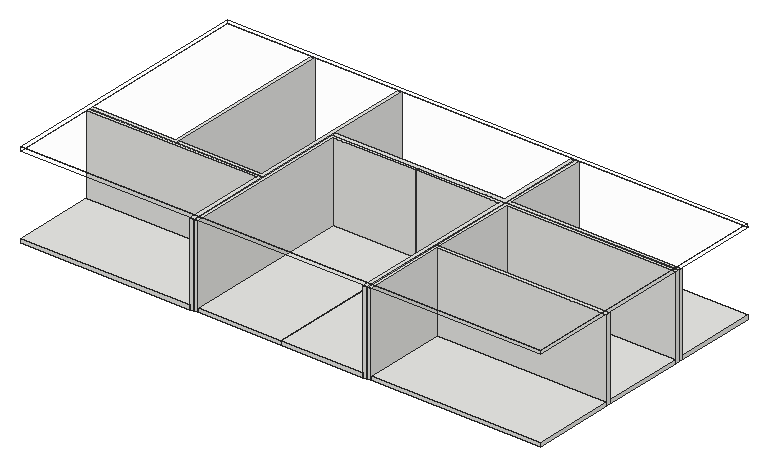
Revit family "Table-Coffee-Teknion-STLG_Masalla-R2013", category Furniture, Revit 2013
Parameters (values of type "9 Box Rectangle")
  Width = 66.92913"
  Warranty = "http://www.teknionstudio.com/pdfs/Teknion%20Studio%20Warranty.pdf"
  Unit Weight = 0.00 lbf
  URL = "www.teknionstudio.com"
  Table Top Finish [instance] = Glass - Teknion - A5 - Standard - Clear
  Surface D Finish [instance] = Paint - Teknion - True White
  Surface C Finish [instance] = Paint - Teknion - True White
  Surface B Finish [instance] = Paint - Teknion - True White
  Surface A Finish [instance] = Paint - Teknion - True White
  Series = "Studio"
  Product Line = "Masalla"
  Product Documentation Link = "http://www.teknionstudio.com/pricing/STLG_ppg.pdf"
  Part Number = "STLG"
  Model = "STLG"
  Manufacturer Phone = "919-464-2920"
  Manufacturer Fax = "919-464-2927"
  Manufacturer Email = "customersupport@teknionstudio.com"
  Manufacturer Address = "3941 US 70 Business HWY West, Clayton, NC 27520"
  Manufacturer = "Teknion Studio"
  Low Emitting Material = yes
  Low Emitting Finish = yes
  Height = 12.59843"
  Description = "Masalla Table, 9 Box Rectangle"
  Depth = 33.46457"
  Assembly Code = "E2020200"
Reference planes (in)
  plane 1 "Center F/B": y = 0
  plane 2: z = 0
  plane 3 "Center L/R": x = 0
  plane 4 "Left": x = -33.46457
  plane 5 "Right": x = 33.46457
  plane 6 "Back": y = 16.73228
  plane 7 "Front": y = -16.73228
  plane 8 "Top": z = 12.59843
  plane 9: z = 1.5748
  plane 10: z = 12.12598
Forms (in)
  Sweep 1, solid, material "Paint - Teknion - Smoke"
    path origin (0, 0, 0) x (1, 0, 0) y (0, 0, 1)
      loop
        line (0, 0) -> (0, 1.5748)
    profile origin (0, 0, 0.7874) x (-1, 0, 0) y (0, -1, 0)
      loop
        line (31.10236, -14.37008) -> (31.10236, 14.37008) -> (-31.10236, 14.37008) -> (-31.10236, -14.37008) -> (31.10236, -14.37008)
      loop
        line (-30.62992, -13.89764) -> (30.62992, -13.89764) -> (30.62992, 13.89764) -> (-30.62992, 13.89764) -> (-30.62992, -13.89764)
  Sweep 2, solid, material "Paint - Teknion - Smoke"
    path origin (0, 0, 0) x (1, 0, 0) y (0, 0, 1)
      loop
        line (0, 1.5748) -> (0, 1.10236)
    profile origin (0, 0, 1.33858) x (0, -1, 0) y (1, 0, 0)
      loop
        line (-13.89764, -30.62992) -> (13.89764, -30.62992) -> (13.89764, 30.62992) -> (-13.89764, 30.62992) -> (-13.89764, -30.62992)
  Sweep 3, solid, material "Glass - Teknion - A5 - Standard - Clear" <- "Table Top Finish"
    path origin (0, 0, 0) x (1, 0, 0) y (0, 0, 1)
      loop
        line (0, 12.59843) -> (0, 12.12598)
    profile origin (0, 0, 12.3622) x (0, -1, 0) y (1, 0, 0)
      loop
        line (-16.73228, -33.46457) -> (16.73228, -33.46457) -> (16.73228, 33.46457) -> (-16.73228, 33.46457) -> (-16.73228, -33.46457)
  Sweep 4, solid, material "Paint - Teknion - True White" <- "Surface D Finish"
    path origin (0, 0, 0) x (1, 0, 0) y (0, 0, 1)
      loop
        line (0, 1.5748) -> (0, 2.04724)
    profile origin (0, 0, 1.81102) x (-1, 0, 0) y (0, -1, 0)
      loop
        line (11.15486, -16.73228) -> (11.15486, -6.04987) -> (-10.68241, -6.04987) -> (-10.68241, -16.73228) -> (11.15486, -16.73228)
      loop
        line (-11.6273, -16.73228) -> (-11.6273, -6.04987) -> (-33.46457, -6.04987) -> (-33.46457, -16.73228) -> (-11.6273, -16.73228)
  Sweep 5, solid, material "Paint - Teknion - True White" <- "Surface A Finish"
    path origin (0, 0, 0) x (1, 0, 0) y (0, 0, 1)
      loop
        line (0, 12.12598) -> (0, 1.5748)
    profile origin (0, 0, 6.85039) x (0, -1, 0) y (1, 0, 0)
      loop
        line (5.57743, -33.46457) -> (6.04987, -33.46457) -> (6.04987, -11.6273) -> (16.73228, -11.6273) -> (16.73228, -11.15486) -> (5.57743, -11.15486) -> (5.57743, -33.46457)
  Sweep 6, solid, material "Paint - Teknion - True White" <- "Surface C Finish"
    path origin (0, 0, 0) x (1, 0, 0) y (0, 0, 1)
      loop
        line (0, 1.5748) -> (0, 12.12598)
    profile origin (0, 0, 6.85039) x (-1, 0, 0) y (0, -1, 0)
      loop
        line (-11.15486, -5.57743) -> (-11.15486, 5.57743) -> (-11.6273, 5.57743) -> (-11.6273, -5.10499) -> (-33.46457, -5.10499) -> (-33.46457, -5.57743) -> (-11.15486, -5.57743)
  Sweep 7, solid, material "Paint - Teknion - True White" <- "Surface D Finish"
    path origin (0, 0, 0) x (1, 0, 0) y (0, 0, 1)
      loop
        line (0, 12.12598) -> (0, 1.5748)
    profile origin (0, 0, 6.85039) x (0, -1, 0) y (1, 0, 0)
      loop
        line (-5.57743, 11.15486) -> (-16.73228, 11.15486) -> (-16.73228, 10.68241) -> (-6.04987, 10.68241) -> (-6.04987, -11.15486) -> (-5.57743, -11.15486) -> (-5.57743, 11.15486)
  Sweep 8, solid, material "Paint - Teknion - True White" <- "Surface B Finish"
    path origin (0, 0, 0) x (1, 0, 0) y (0, 0, 1)
      loop
        line (0, 12.12598) -> (0, 1.5748)
    profile origin (0, 0, 6.85039) x (0, -1, 0) y (1, 0, 0)
      loop
        line (-5.57743, 0) -> (-5.57743, -11.15486) -> (16.73228, -11.15486) -> (16.73228, -10.68241) -> (-5.10499, -10.68241) -> (-5.10499, 0) -> (-5.57743, 0)
  Sweep 9, solid, material "Paint - Teknion - True White" <- "Surface C Finish"
    path origin (0, 0, 0) x (-1, 0, 0) y (0, 0, 1)
      loop
        line (0, 1.5748) -> (0, 2.04724)
    profile origin (0, 0, 1.81102) x (-1, 0, 0) y (0, -1, 0)
      loop
        line (-33.46457, -5.10499) -> (-11.6273, -5.10499) -> (-11.6273, 5.57743) -> (-33.46457, 5.57743) -> (-33.46457, -5.10499)
      loop
        line (-33.46457, 16.73228) -> (-33.46457, 6.04987) -> (-11.6273, 6.04987) -> (-11.6273, 16.73228) -> (-33.46457, 16.73228)
  Sweep 10, solid, material "Paint - Teknion - True White" <- "Surface B Finish"
    path origin (0, 0, 0) x (-1, 0, 0) y (0, 0, 1)
      loop
        line (0, 1.5748) -> (0, 2.04724)
    profile origin (0, 0, 1.81102) x (1, 0, 0) y (0, 1, 0)
      loop
        line (0, -16.73228) -> (0, 5.10499) -> (-10.68241, 5.10499) -> (-10.68241, -16.73228) -> (0, -16.73228)
  Sweep 11, solid, material "Paint - Teknion - True White" <- "Surface A Finish"
    path origin (0, 0, 0) x (1, 0, 0) y (0, 0, -1)
      loop
        line (0, -1.5748) -> (0, -2.04724)
    profile origin (0, 0, 1.81102) x (1, 0, 0) y (0, 1, 0)
      loop
        line (-33.46457, -5.10499) -> (-22.78215, -5.10499) -> (-22.78215, 16.73228) -> (-33.46457, 16.73228) -> (-33.46457, -5.10499)
      loop
        line (-33.46457, -6.04987) -> (-33.46457, -16.73228) -> (-11.6273, -16.73228) -> (-11.6273, -6.04987) -> (-33.46457, -6.04987)
      loop
        line (-22.30971, 16.73228) -> (-22.30971, -5.10499) -> (-11.6273, -5.10499) -> (-11.6273, 16.73228) -> (-22.30971, 16.73228)
  Sweep 12, solid, material "Paint - Teknion - True White" <- "Surface D Finish"
    path origin (22.30971, 0, 0) x (1, 0, 0) y (0, 0, 1)
      loop
        line (0, 12.12598) -> (0, 1.5748)
    profile origin (22.30971, 0, 6.85039) x (0, -1, 0) y (1, 0, 0)
      loop
        line (-5.57743, -11.15486) -> (-5.57743, 11.15486) -> (-6.04987, 11.15486) -> (-6.04987, -10.68241) -> (-16.73228, -10.68241) -> (-16.73228, -11.15486) -> (-5.57743, -11.15486)
  Sweep 13, solid, material "Paint - Teknion - True White" <- "Surface C Finish"
    path origin (0, -11.15486, 0) x (1, 0, 0) y (0, 0, 1)
      loop
        line (0, 1.5748) -> (0, 12.12598)
    profile origin (0, -11.15486, 6.85039) x (-1, 0, 0) y (0, -1, 0)
      loop
        line (-11.15486, -5.57743) -> (-11.15486, 5.57743) -> (-11.6273, 5.57743) -> (-11.6273, -5.10499) -> (-33.46457, -5.10499) -> (-33.46457, -5.57743) -> (-11.15486, -5.57743)
  Sweep 14, solid, material "Paint - Teknion - True White" <- "Surface B Finish"
    path origin (26.5, 0, 0) x (1, 0, 0) y (0, 0, 1)
      loop
        line (-26.5, 12.12598) -> (-26.5, 1.5748)
    profile origin (0, 0, 6.85039) x (0, -1, 0) y (1, 0, 0)
      loop
        line (-5.57743, 0) -> (-5.10499, 0) -> (-5.10499, 10.68241) -> (16.73228, 10.68241) -> (16.73228, 11.15486) -> (-5.57743, 11.15486) -> (-5.57743, 0)
  Sweep 15, solid, material "Paint - Teknion - True White" <- "Surface A Finish"
    path origin (0, 0, 0) x (1, 0, 0) y (0, 0, 1)
      loop
        line (0, 1.5748) -> (0, 12.12598)
    profile origin (0, 0, 6.85039) x (-1, 0, 0) y (0, -1, 0)
      loop
        line (33.46457, 5.10499) -> (33.46457, 5.57743) -> (22.30971, 5.57743) -> (22.30971, -16.73228) -> (22.78215, -16.73228) -> (22.78215, 5.10499) -> (33.46457, 5.10499)
  Sweep 16, solid, material "Paint - Teknion - True White" <- "Surface A Finish"
    path origin (0, 0, 0) x (1, 0, 0) y (0, 0, 1)
      loop
        line (0, 12.12598) -> (0, 1.5748)
    profile origin (0, 0, 6.85039) x (0, -1, 0) y (1, 0, 0)
      loop
        line (5.10499, -22.30971) -> (5.57743, -22.30971) -> (5.57743, -11.15486) -> (-16.73228, -11.15486) -> (-16.73228, -11.6273) -> (5.10499, -11.6273) -> (5.10499, -22.30971)
  Sweep 17, solid, material "Paint - Teknion - True White" <- "Surface B Finish"
    path origin (0, 0, 0) x (1, 0, 0) y (0, 0, 1)
      loop
        line (0, 1.5748) -> (0, 2.04724)
    profile origin (0, 0, 1.81102) x (-1, 0, 0) y (0, -1, 0)
      loop
        line (0, -5.10499) -> (0, 16.73228) -> (-10.68241, 16.73228) -> (-10.68241, -5.10499) -> (0, -5.10499)
Lines and regions (in)
  Masking region 1
    outline origin (0, 0, 12.59843) x (-1, 0, 0) y (0, -1, 0)
      loop
        line (33.46457, -16.73228) -> (33.46457, 16.73228) -> (-33.46457, 16.73228) -> (-33.46457, -16.73228) -> (33.46457, -16.73228)
  symbolic lines, style "Hidden Lines", detail levels medium+fine
    curve 1: line (-22.30971, 16.73228, 12.59843) -> (-22.30971, -5.57743, 12.59843)
    curve 2: line (-33.46457, -5.57743, 12.59843) -> (-11.15486, -5.57743, 12.59843)
    curve 3: line (-11.15486, 16.73228, 12.59843) -> (-11.15486, -16.73228, 12.59843)
    curve 4: line (-11.15486, 5.57743, 12.59843) -> (33.46457, 5.57743, 12.59843)
    curve 5: line (11.15486, 16.73228, 12.59843) -> (11.15486, -16.73228, 12.59843)
    curve 6: line (11.15486, -5.57743, 12.59843) -> (33.46457, -5.57743, 12.59843)
  symbolic lines, style "Hidden Lines", detail levels fine
    curve 7: line (-11.6273, -5.57743, 12.59843) -> (-11.6273, -16.73228, 12.59843)
    curve 8: line (-33.46457, -6.04987, 12.59843) -> (-11.6273, -6.04987, 12.59843)
    curve 9: line (-33.46457, -5.10499, 12.59843) -> (-11.15486, -5.10499, 12.59843)
    curve 10: line (-22.78215, 16.73228, 12.59843) -> (-22.78215, -5.10499, 12.59843)
    curve 11: line (-11.6273, 16.73228, 12.59843) -> (-11.6273, -5.10499, 12.59843)
    curve 12: line (-11.15486, 5.10499, 12.59843) -> (11.15486, 5.10499, 12.59843)
    curve 13: line (-10.68241, 5.10499, 12.59843) -> (-10.68241, -16.73228, 12.59843)
    curve 14: line (10.68241, 5.10499, 12.59843) -> (10.68241, -16.73228, 12.59843)
    curve 15: line (-11.15486, 6.04987, 12.59843) -> (10.68241, 6.04987, 12.59843)
    curve 16: line (10.68241, 16.73228, 12.59843) -> (10.68241, 5.57743, 12.59843)
    curve 17: line (0, 5.57743, 12.59843) -> (0, 5.10499, 12.59843)
    curve 18: line (11.6273, 16.73228, 12.59843) -> (11.6273, -16.73228, 12.59843)
    curve 19: line (11.6273, 6.04987, 12.59843) -> (33.46457, 6.04987, 12.59843)
    curve 20: line (11.6273, 5.10499, 12.59843) -> (33.46457, 5.10499, 12.59843)
    curve 21: line (11.6273, -6.04987, 12.59843) -> (33.46457, -6.04987, 12.59843)
Dimensions and locks (in)
  "Height": plane 8 "Top" to plane 2
  equal spacing: plane 4 "Left", plane 3 "Center L/R", plane 5 "Right"
  equal spacing: plane 6 "Back", plane 1 "Center F/B", plane 7 "Front"
  "Width": plane 4 "Left" to plane 5 "Right"
  "Depth": plane 6 "Back" to plane 7 "Front"
  Sweep 1 sketch curve to Sweep 1 sketch curve to plane 1 "Center F/B" to Sweep 1 sketch curve to Sweep 1 sketch curve = 0.47244" locked, 13.89764" locked, 13.89764" locked, 0.47244" locked
  Sweep 1 sketch curve to Sweep 1 sketch curve to plane 3 "Center L/R" to Sweep 1 sketch curve to Sweep 1 sketch curve = 0.47244", 30.62992" locked, 30.62992" locked, 0.47244" locked
  Sweep 2 sketch curve to plane 3 "Center L/R" to Sweep 2 sketch curve = 30.62992" locked, 30.62992" locked
  Sweep 2 sketch curve to plane 1 "Center F/B" to Sweep 2 sketch curve = 13.89764" locked, 13.89764" locked
  locked: plane 8 "Top" to Sweep 3 sketch curve at 0.47244
  locked: plane 8 "Top" to plane 10 at 0.47244
  locked: plane 9 to plane 2 at 1.5748
  locked: plane 9 to Sweep 2 sketch curve at 0.47244
  locked: Sweep 4 sketch curve to plane 9 at 0.47244
  locked: plane 1 "Center F/B" to Sweep 4 sketch curve at 6.04987
  plane 1 "Center F/B" to Sweep 8 sketch curve to Sweep 8 sketch curve = 5.10499" locked, 0.47244" locked
  locked: Sweep 9 sketch curve to plane 9 at 0.47244
  locked: Sweep 10 sketch curve to plane 9 at 0.47244
  locked: Sweep 11 sketch curve to plane 9 at 0.47244
  locked: plane 4 "Left" to Sweep 5 sketch curve at 22.30971
  locked: Sweep 5 sketch curve to Sweep 5 sketch curve at 0.47244
  Sweep 6 sketch curve to plane 5 "Right" = 21.83727"
  Sweep 6 sketch curve to Sweep 6 sketch curve = 0.47244"
  Sweep 8 sketch curve to Sweep 8 sketch curve to plane 3 "Center L/R" = 0.47244" locked, 10.68241" locked
  locked: Sweep 7 sketch curve to plane 3 "Center L/R" at 11.15486
  plane 3 "Center L/R" to Sweep 7 sketch curve to Sweep 7 sketch curve = 10.68241" locked, 0.47244" locked
  locked: plane 1 "Center F/B" to Sweep 7 sketch curve at 6.04987
  locked: plane 4 "Left" to Sweep 11 sketch curve at 10.68241
  Sweep 4 sketch curve to plane 3 "Center L/R" to Sweep 4 sketch curve = 11.15486" locked, 10.68241" locked
  locked: plane 1 "Center F/B" to Sweep 10 sketch curve at 5.10499
  locked: Sweep 9 sketch curve to plane 5 "Right" at 21.83727  (x2)
  locked: plane 4 "Left" to Sweep 11 sketch curve at 21.83727
  locked: Sweep 11 sketch curve to plane 1 "Center F/B" at 6.04987
  locked: plane 1 "Center F/B" to Sweep 6 sketch curve at 5.57743
  Sweep 9 sketch curve to plane 1 "Center F/B" to Sweep 9 sketch curve = 5.57743" locked, 5.10499" locked
  locked: Sweep 7 sketch curve to Sweep 7 sketch curve at 0.47244
  locked: Sweep 12 sketch curve to Sweep 12 sketch curve at 0.47244  (x2)
  locked: plane 6 "Back" to Sweep 12 sketch curve at 10.68241
  locked: Sweep 12 sketch curve to plane 5 "Right" at 21.83727
  locked: Sweep 4 sketch curve to plane 5 "Right" at 21.83727
  locked: plane 6 "Back" to Sweep 4 sketch curve at 10.68241
  locked: plane 1 "Center F/B" to Sweep 6 sketch curve at 5.10499
  locked: Sweep 6 sketch curve to plane 1 "Center F/B" at 5.57743
  locked: Sweep 13 sketch curve to Sweep 13 sketch curve at 0.47244
  plane 7 "Front" to Sweep 13 sketch curve to Sweep 13 sketch curve = 10.68241" locked, 0.47244" locked
  locked: Sweep 13 sketch curve to plane 5 "Right" at 21.83727
  locked: plane 7 "Front" to Sweep 9 sketch curve at 10.68241
  plane 7 "Front" to Sweep 14 sketch curve to Sweep 14 sketch curve = 21.83727" locked, 0.47244" locked
  Sweep 14 sketch curve to Sweep 14 sketch curve to plane 3 "Center L/R" = 0.47244" locked, 10.68241" locked
  plane 7 "Front" to Sweep 5 sketch curve to Sweep 5 sketch curve = 10.68241" locked, 0.47244" locked
  plane 4 "Left" to Sweep 15 sketch curve to Sweep 15 sketch curve = 10.68241" locked, 0.47244" locked
  Sweep 15 sketch curve to Sweep 15 sketch curve to plane 1 "Center F/B" = 0.47244" locked, 5.10499" locked
  Sweep 16 sketch curve to Sweep 16 sketch curve to plane 1 "Center F/B" = 0.47244" locked, 5.10499" locked
  Sweep 16 sketch curve to Sweep 16 sketch curve to Sweep 16 sketch curve to plane 3 "Center L/R" = 10.68241" locked, 0.47244" locked, 11.15486" locked
  locked: Sweep 11 sketch curve to plane 1 "Center F/B" at 5.10499  (x2)
  plane 4 "Left" to Sweep 11 sketch curve to Sweep 11 sketch curve = 11.15486" locked, 10.68241" locked
  locked: Sweep 10 sketch curve to plane 3 "Center L/R" at 10.68241
  locked: Sweep 17 sketch curve to plane 9 at 0.47244
  locked: plane 1 "Center F/B" to Sweep 17 sketch curve at 5.10499
  locked: plane 3 "Center L/R" to Sweep 17 sketch curve at 10.68241
  locked: plane 7 "Front" to curve 2 at 11.15486
  locked: plane 4 "Left" to curve 1 at 11.15486
  locked: curve 3 to plane 3 "Center L/R" at 11.15486
  locked: plane 3 "Center L/R" to curve 5 at 11.15486
  locked: plane 1 "Center F/B" to curve 4 at 5.57743
  locked: curve 6 to plane 1 "Center F/B" at 5.57743
  locked: plane 4 "Left" to curve 7 at 21.83727
  locked: plane 7 "Front" to curve 8 at 10.68241
  locked: plane 7 "Front" to curve 9 at 11.6273
  locked: curve 10 to curve 1 at 0.47244
  locked: curve 11 to curve 3 at 0.47244
  locked: curve 12 to curve 4 at 0.47244
  locked: curve 13 to plane 3 "Center L/R" at 10.68241
  locked: plane 3 "Center L/R" to curve 14 at 10.68241
  locked: curve 16 to curve 5 at 0.47244
  locked: curve 4 to curve 15 at 0.47244
  locked: curve 5 to curve 18 at 0.47244
  locked: curve 21 to curve 6 at 0.47244
  locked: curve 4 to curve 19 at 0.47244
  aligned and locked: level to plane 2
  aligned and locked: plane 3 "Center L/R" to Sweep 1 sketch curve
  aligned and locked: plane 2 to Sweep 1 sketch curve
  aligned and locked: Sweep 2 sketch curve to plane 3 "Center L/R"
  aligned and locked: Sweep 3 sketch curve to plane 3 "Center L/R"
  aligned and locked: plane 8 "Top" to Sweep 3 sketch curve
  aligned and locked: Sweep 3 sketch curve to plane 6 "Back"
  aligned and locked: plane 4 "Left" to Sweep 3 sketch curve
  aligned and locked: Sweep 3 sketch curve to plane 7 "Front"
  aligned and locked: Sweep 3 sketch curve to plane 5 "Right"
  aligned and locked: plane 9 to Sweep 1 sketch curve
  aligned and locked: plane 9 to Sweep 2 sketch curve
  aligned and locked: plane 9 to Sweep 4 sketch curve
  aligned and locked: plane 3 "Center L/R" to Sweep 4 sketch curve
  aligned and locked: Sweep 4 sketch curve to plane 6 "Back"  (x2)
  aligned and locked: plane 10 to Sweep 5 sketch curve
  aligned and locked: Sweep 5 sketch curve to plane 3 "Center L/R"
  aligned and locked: plane 9 to Sweep 5 sketch curve
  aligned and locked: plane 10 to Sweep 6 sketch curve
  aligned and locked: plane 9 to Sweep 6 sketch curve
  aligned and locked: plane 3 "Center L/R" to Sweep 6 sketch curve
  aligned and locked: plane 10 to Sweep 7 sketch curve
  aligned and locked: plane 9 to Sweep 7 sketch curve
  aligned and locked: Sweep 7 sketch curve to plane 3 "Center L/R"
  aligned and locked: plane 10 to Sweep 8 sketch curve
  aligned and locked: plane 9 to Sweep 8 sketch curve
  aligned and locked: Sweep 8 sketch curve to plane 3 "Center L/R"  (x2)
  aligned and locked: Sweep 8 sketch curve to plane 7 "Front"
  aligned and locked: plane 9 to Sweep 9 sketch curve
  aligned and locked: Sweep 10 sketch curve to plane 7 "Front"
  aligned and locked: plane 9 to Sweep 10 sketch curve
  aligned and locked: plane 9 to Sweep 11 sketch curve
  aligned and locked: Masking region 1 sketch curve to plane 6 "Back"
  aligned and locked: Masking region 1 sketch curve to plane 5 "Right"
  aligned and locked: Masking region 1 sketch curve to plane 7 "Front"
  aligned and locked: plane 4 "Left" to Masking region 1 sketch curve
  aligned and locked: Sweep 5 sketch curve to plane 4 "Left"
  aligned and locked: Sweep 6 sketch curve to plane 5 "Right"
  aligned and locked: plane 6 "Back" to Sweep 7 sketch curve
  aligned and locked: Sweep 11 sketch curve to plane 4 "Left"
  aligned and locked: plane 5 "Right" to Sweep 9 sketch curve  (x2)
  aligned and locked: Sweep 11 sketch curve to plane 7 "Front"
  aligned and locked: Sweep 12 sketch curve to plane 5 "Right"
  aligned and locked: Sweep 12 sketch curve to plane 6 "Back"
  aligned and locked: Sweep 4 sketch curve to plane 5 "Right"
  aligned and locked: plane 10 to Sweep 13 sketch curve
  aligned and locked: plane 9 to Sweep 13 sketch curve
  aligned and locked: Sweep 13 sketch curve to plane 7 "Front"
  aligned and locked: Sweep 13 sketch curve to plane 5 "Right"
  aligned and locked: plane 7 "Front" to Sweep 9 sketch curve
  aligned and locked: plane 10 to Sweep 14 sketch curve
  aligned and locked: plane 9 to Sweep 14 sketch curve
  aligned and locked: Sweep 14 sketch curve to plane 3 "Center L/R"  (x2)
  aligned and locked: plane 7 "Front" to Sweep 14 sketch curve
  aligned and locked: Sweep 5 sketch curve to plane 7 "Front"
  aligned and locked: plane 10 to Sweep 15 sketch curve
  aligned and locked: plane 9 to Sweep 15 sketch curve
  aligned and locked: plane 3 "Center L/R" to Sweep 15 sketch curve
  aligned and locked: Sweep 15 sketch curve to plane 4 "Left"
  aligned and locked: Sweep 15 sketch curve to plane 6 "Back"
  aligned and locked: plane 10 to Sweep 16 sketch curve
  aligned and locked: plane 9 to Sweep 16 sketch curve
  aligned and locked: Sweep 16 sketch curve to plane 3 "Center L/R"
  aligned and locked: Sweep 16 sketch curve to plane 6 "Back"
  aligned and locked: plane 4 "Left" to Sweep 11 sketch curve
  aligned and locked: plane 6 "Back" to Sweep 11 sketch curve
  aligned and locked: Sweep 11 sketch curve to plane 6 "Back"
  aligned and locked: Sweep 10 sketch curve to plane 3 "Center L/R"
  aligned and locked: plane 9 to Sweep 17 sketch curve
  aligned and locked: plane 3 "Center L/R" to Sweep 17 sketch curve  (x2)
  aligned and locked: Sweep 17 sketch curve to plane 7 "Front"
  aligned and locked: plane 4 "Left" to curve 2
  aligned and locked: plane 7 "Front" to curve 3
  aligned and locked: plane 7 "Front" to curve 5
  aligned and locked: plane 5 "Right" to curve 6
  aligned and locked: plane 5 "Right" to curve 4
  aligned and locked: plane 6 "Back" to curve 5
  aligned and locked: plane 6 "Back" to curve 3
  aligned and locked: plane 6 "Back" to curve 1
  aligned and locked: plane 7 "Front" to curve 7
  aligned and locked: curve 2 to curve 7
  aligned and locked: plane 4 "Left" to curve 8
  aligned and locked: curve 7 to curve 8
  aligned and locked: curve 3 to curve 9
  aligned and locked: plane 4 "Left" to curve 9
  aligned and locked: plane 6 "Back" to curve 10
  aligned and locked: plane 6 "Back" to curve 11
  aligned and locked: curve 9 to curve 11
  aligned and locked: curve 5 to curve 12
  aligned and locked: plane 7 "Front" to curve 13
  aligned and locked: plane 7 "Front" to curve 14
  aligned and locked: plane 6 "Back" to curve 16
  aligned and locked: curve 16 to curve 15
  aligned and locked: curve 4 to curve 17
  aligned and locked: curve 12 to curve 17
  aligned and locked: curve 17 to plane 3 "Center L/R"
  aligned and locked: plane 6 "Back" to curve 18
  aligned and locked: plane 7 "Front" to curve 18
  aligned and locked: plane 5 "Right" to curve 21
  aligned and locked: plane 5 "Right" to curve 20
  aligned and locked: plane 5 "Right" to curve 19
  aligned and locked: curve 18 to curve 20
Automatic sketch dimensions
  Sweep 9 sketch curve to plane 3 "Center L/R" = 0.000"
  Sweep 10 sketch curve to plane 3 "Center L/R" = 0.000"
  Sweep 11 sketch curve to plane 3 "Center L/R" = 0.000"
  Sweep 12 sketch curve to plane 9 = 0.000"
  Sweep 12 sketch curve to plane 10 = 0.000"
  Sweep 12 sketch curve to plane 5 "Right" = 11.15486"
  Sweep 13 sketch curve to plane 3 "Center L/R" = 0.000"
  curve 12 to curve 20 = 0.000"
